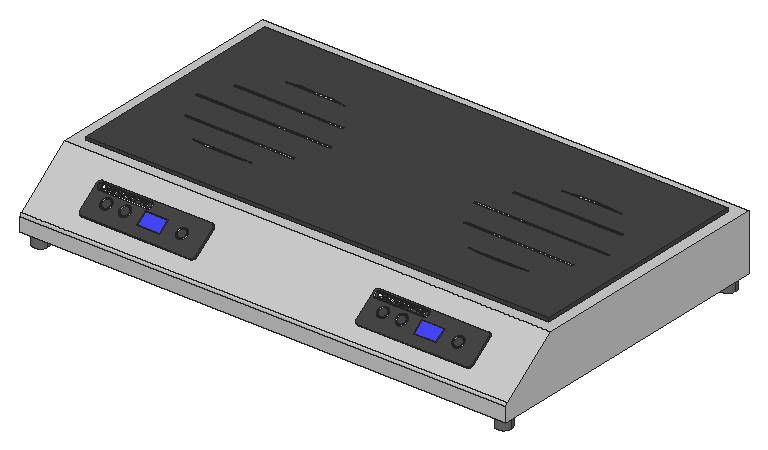
Revit family "QF_ADVENTYS_GL2_7000_S_250902075712", category Specialty Equipment, Revit 2021
Family settings
  Round Connector Dimension = Use Diameter
  Part Type = Normal
  OmniClass Number = 23.40.40.14
  OmniClass Title = Food Service Equipment
  Work Plane-Based = No
  Always vertical = Yes
  Cut with Voids When Loaded = No
  Shared = No
  Room Calculation Point = No
Parameters (values of type "ADV1754")
  Weight in Pounds [instance] = 0
  Weight = 10.00 kg
  Warranty Start Date [instance] = ""
  Warranty Duration [instance] = ""
  Volts [instance] = 240 V
  URL Recommended Spares List = ""
  URL Manufacturer = ""
  URL Cutsheet = ""
  URL Critical Spares List = ""
  URL = "www.adventys.com"
  Tag Number [instance] = ""
  Status [instance] = ""
  Specification by User [instance] = ""
  Specification by Manufacturer [instance] = ""
  Sound Level [instance] = ""
  Solid Fuel Type [instance] = ""
  Service Life Duration [instance] = ""
  Serial Number [instance] = ""
  Seismic Rating [instance] = ""
  SMACNA No [instance] = ""
  Revision Code [instance] = ""
  Revision [instance] = ""
  Production Year [instance] = ""
  Point Load [instance] = 0
  Phase [instance] = 1
  Other Equipment Approvals [instance] = ""
  Number of Poles [instance] = 2
  NAFEM Spec ID Number [instance] = ""
  Model Warning [instance] = ""
  Model = "GL2 7000 S"
  Min Ckt Ampacity [instance] = 0 A
  Max Overcurrent Protection [instance] = 32 A
  Masterspec [instance] = ""
  Manufacturer = "ADVENTYS"
  Length Actual = 650 mm
  Item Number [instance] = ""
  Installed By [instance] = ""
  Installation Date [instance] = ""
  Identify Quantity as Lot [instance] = no
  ID [instance] = ""
  Hygiene Approval [instance] = ""
  Hot Water Consumption = 0.0 L/s
  Height Actual = 96 mm
  HP power [instance] = ""
  Furnished By [instance] = ""
  Foodservice Equipment Identifier [instance] = no
  FL Amps [instance] = 25 A
  Electrical Remarks [instance] = "Plug not included"
  Electric power [instance] = 0 W
  Electric Connection Type [instance] = "Cord&Plug"
  Elec Conn RI Height [instance] = 0 mm
  Elec Conn Connection Height [instance] = 0 mm
  ETL Approved [instance] = no
  Description = "COUNTER-TOP 2 ZONES INDUCTION SIDE BY SIDE"
  Depth Actual = 405 mm
  Default Elevation = 0 mm
  Cycle [instance] = 60 Hz
  Cost = 0
  Conn Plug [instance] = ""
  Conn Conduit [instance] = no
  CSI MasterFormat [instance] = ""
  CE Approved [instance] = no
  Barcode [instance] = 0
  Author [instance] = ""
  Asset Identifier [instance] = ""
  Apparent Power [instance] = 6000 VA
  Accessory = no
Reference planes
  plane 1 "Center (Front/Back)": y = 0
  plane 2: z = 0
  plane 3 "Center (Left/Right)": x = 0
Forms (mm)
  Extrusion 1, solid, not visible
    sketch origin (325.016, -15.001, 16.001) x (1, 0, 0) y (0, 1, 0)
      loop
        line (-2, 2) -> (-2, -2) -> (2, -2) -> (2, 2) -> (-2, 2)
    from -2 to 2
Dimensions and locks
  locked: nested 2 to Extrusion 1 at 2  (x2)
  aligned and locked: level to plane 2
Nested families
  nested 1: "QF_ADVENTYS_ADV1619_2916" at (0, 0, 0), type "ADV1754"
    with Status "", Show Logo yes, Show Clearance yes
  nested 2: "CONN_POINT_ELE_2D___Generic_Annotation" at (325.016, -15.001, 14.001), type "CONN_POINT_ELE_2D___Generic_Annotation"
    with Onboard connection annotation symbol visibility yes
Connectors
  electrical at (325.016, -15.001, 14.001), driven by "Apparent Power", driven by "Number of Poles", driven by "Volts"
    settings: on Extrusion 1, index 1, voltage 240 V, apparent load 0 VA, apparent load phase1 6000 VA, apparent load phase2 0 VA, apparent load phase3 0 VA, power factor 1, load classification "Other", number of poles 2, system type 31, power factor state 1, is connector primary yes, connector utility no, sub classification motor no, connector description "Electrical connection for GL2 7000 S"
Definition of nested family "QF_ADVENTYS_ADV1619_2916"
  Parameters (values of type "ADV1551")
    URL = "www.adventys.com"
    Status [instance] = ""
    Show Logo [instance] = yes
    Show Clearance [instance] = yes
    Model = "GL2 6000 S"
    Manufacturer = "ADVENTYS"
    Description = "COUNTER-TOP 2 ZONES INDUCTION SIDE BY SIDE"
    Default Elevation = 0 mm
    Author = "SPECIFI"
    Assembly Code = "E1090320"
  Types (3, lengths in mm): name | Model | Description
    ADV1619 | "GL2 5000 S" | "COUNTERTOP INDUCTION 2 ZONES - SIDE BY SIDE"
    ADV1551 | "GL2 6000 S" | "COUNTER-TOP 2 ZONES INDUCTION SIDE BY SIDE"
    ADV1754 | "GL2 7000 S" | "COUNTER-TOP 2 ZONES INDUCTION SIDE BY SIDE"
  Reference planes
    plane 1 "Back": y = 0
    plane 2: z = 0
    plane 3 "Left": x = 0
    plane 4 "Right": x = 650
    plane 5 "Front": y = -405
    plane 6 "Top": z = 96
  Forms (mm)
    Extrusion 1, solid
      sketch origin (0, 0, -4.3) x (1, 0, 0) y (0, 1, 0)
        loop
          line (0, 0) -> (0, -330) -> (650, -330) -> (650, 0) -> (0, 0)
        loop
          line (15, -15) -> (15, -315) -> (635, -315) -> (635, -15) -> (15, -15)
      from 20 to 96
    Extrusion 2, solid
      sketch origin (0, -20, -4.3) x (0, 1, 0) y (0, 0, 1)
        loop
          line (-310, 20) -> (-310, 96) -> (-382.957, 42.498)
          arc (-382.957, 42.498) -> (-384.46, 40.726) -> (-385, 38.466) r 5
          line (-385, 38.466) -> (-385, 20) -> (-310, 20)
      from 0 to 650
    Extrusion 3, solid
      sketch origin (0, 0, -86.026) x (1, 0, 0) y (0, 1, 0)
        loop
          line (15, -15) -> (15, -315) -> (635, -315) -> (635, -15) -> (15, -15)
      from 101.726 to 110
    Extrusion 4, solid
      sketch origin (0, 0, 0) x (1, 0, 0) y (0, 1, 0)
        loop
          circle (15, -15) r 10
        loop
          circle (635, -15) r 10
        loop
          circle (635, -390) r 10
        loop
          circle (15, -390) r 10
      from 0 to 15.7
    Extrusion 5, solid
      sketch origin (-4.081, 0, -11.8) x (0, 1, 0) y (0, 0, 1)
        loop
          line (0, 97.125) -> (0, 91.484) -> (5.641, 91.484)
          arc (5.641, 91.484) -> (3.989, 95.473) -> (0, 97.125) r 5.641
        loop
          line (0, 79.125) -> (0, 73.484) -> (5.641, 73.484)
          arc (5.641, 73.484) -> (3.989, 77.473) -> (0, 79.125) r 5.641
        loop
          line (0, 61.125) -> (0, 55.484) -> (5.641, 55.484)
          arc (5.641, 55.484) -> (3.989, 59.473) -> (0, 61.125) r 5.641
        loop
          line (0, 43.125) -> (0, 37.484) -> (5.641, 37.484)
          arc (5.641, 37.484) -> (3.989, 41.473) -> (0, 43.125) r 5.641
      from 140.518 to 177.644
    Extrusion 6, solid
      sketch origin (53.045, 0, -11.8) x (0, 1, 0) y (0, 0, 1)
        loop
          line (0, 97.125) -> (0, 91.484) -> (5.641, 91.484)
          arc (5.641, 91.484) -> (3.989, 95.473) -> (0, 97.125) r 5.641
        loop
          line (0, 79.125) -> (0, 73.484) -> (5.641, 73.484)
          arc (5.641, 73.484) -> (3.989, 77.473) -> (0, 79.125) r 5.641
        loop
          line (0, 61.125) -> (0, 55.484) -> (5.641, 55.484)
          arc (5.641, 55.484) -> (3.989, 59.473) -> (0, 61.125) r 5.641
        loop
          line (0, 43.125) -> (0, 37.484) -> (5.641, 37.484)
          arc (5.641, 37.484) -> (3.989, 41.473) -> (0, 43.125) r 5.641
      from 140.518 to 177.644
    Extrusion 7, solid
      sketch origin (110.172, 0, -11.8) x (0, 1, 0) y (0, 0, 1)
        loop
          line (0, 97.125) -> (0, 91.484) -> (5.641, 91.484)
          arc (5.641, 91.484) -> (3.989, 95.473) -> (0, 97.125) r 5.641
        loop
          line (0, 79.125) -> (0, 73.484) -> (5.641, 73.484)
          arc (5.641, 73.484) -> (3.989, 77.473) -> (0, 79.125) r 5.641
        loop
          line (0, 61.125) -> (0, 55.484) -> (5.641, 55.484)
          arc (5.641, 55.484) -> (3.989, 59.473) -> (0, 61.125) r 5.641
        loop
          line (0, 43.125) -> (0, 37.484) -> (5.641, 37.484)
          arc (5.641, 37.484) -> (3.989, 41.473) -> (0, 43.125) r 5.641
      from 140.518 to 177.644
    Extrusion 8, solid
      sketch origin (256.955, 0, -11.8) x (0, 1, 0) y (0, 0, -1)
        loop
          arc (0, -97.125) -> (3.989, -95.473) -> (5.641, -91.484) r 5.641
          line (5.641, -91.484) -> (0, -91.484) -> (0, -97.125)
        loop
          arc (0, -79.125) -> (3.989, -77.473) -> (5.641, -73.484) r 5.641
          line (5.641, -73.484) -> (0, -73.484) -> (0, -79.125)
        loop
          arc (0, -61.125) -> (3.989, -59.473) -> (5.641, -55.484) r 5.641
          line (5.641, -55.484) -> (0, -55.484) -> (0, -61.125)
        loop
          arc (0, -43.125) -> (3.989, -41.473) -> (5.641, -37.484) r 5.641
          line (5.641, -37.484) -> (0, -37.484) -> (0, -43.125)
      from 140.518 to 177.644
    Extrusion 9, solid
      sketch origin (199.828, 0, -11.8) x (0, 1, 0) y (0, 0, -1)
        loop
          arc (0, -97.125) -> (3.989, -95.473) -> (5.641, -91.484) r 5.641
          line (5.641, -91.484) -> (0, -91.484) -> (0, -97.125)
        loop
          arc (0, -79.125) -> (3.989, -77.473) -> (5.641, -73.484) r 5.641
          line (5.641, -73.484) -> (0, -73.484) -> (0, -79.125)
        loop
          arc (0, -61.125) -> (3.989, -59.473) -> (5.641, -55.484) r 5.641
          line (5.641, -55.484) -> (0, -55.484) -> (0, -61.125)
        loop
          arc (0, -43.125) -> (3.989, -41.473) -> (5.641, -37.484) r 5.641
          line (5.641, -37.484) -> (0, -37.484) -> (0, -43.125)
      from 140.518 to 177.644
    Extrusion 10, solid
      sketch origin (594.081, 0, -11.8) x (0, 1, 0) y (0, 0, -1)
        loop
          arc (0, -97.125) -> (3.989, -95.473) -> (5.641, -91.484) r 5.641
          line (5.641, -91.484) -> (0, -91.484) -> (0, -97.125)
        loop
          arc (0, -79.125) -> (3.989, -77.473) -> (5.641, -73.484) r 5.641
          line (5.641, -73.484) -> (0, -73.484) -> (0, -79.125)
        loop
          arc (0, -61.125) -> (3.989, -59.473) -> (5.641, -55.484) r 5.641
          line (5.641, -55.484) -> (0, -55.484) -> (0, -61.125)
        loop
          arc (0, -43.125) -> (3.989, -41.473) -> (5.641, -37.484) r 5.641
          line (5.641, -37.484) -> (0, -37.484) -> (0, -43.125)
      from 140.518 to 177.644
    Extrusion 11, solid
      sketch origin (536.955, 0, -11.8) x (0, 1, 0) y (0, 0, -1)
        loop
          arc (0, -97.125) -> (3.989, -95.473) -> (5.641, -91.484) r 5.641
          line (5.641, -91.484) -> (0, -91.484) -> (0, -97.125)
        loop
          arc (0, -79.125) -> (3.989, -77.473) -> (5.641, -73.484) r 5.641
          line (5.641, -73.484) -> (0, -73.484) -> (0, -79.125)
        loop
          arc (0, -61.125) -> (3.989, -59.473) -> (5.641, -55.484) r 5.641
          line (5.641, -55.484) -> (0, -55.484) -> (0, -61.125)
        loop
          arc (0, -43.125) -> (3.989, -41.473) -> (5.641, -37.484) r 5.641
          line (5.641, -37.484) -> (0, -37.484) -> (0, -43.125)
      from 140.518 to 177.644
    Extrusion 12, solid
      sketch origin (479.828, 0, -11.8) x (0, 1, 0) y (0, 0, -1)
        loop
          arc (0, -97.125) -> (3.989, -95.473) -> (5.641, -91.484) r 5.641
          line (5.641, -91.484) -> (0, -91.484) -> (0, -97.125)
        loop
          arc (0, -79.125) -> (3.989, -77.473) -> (5.641, -73.484) r 5.641
          line (5.641, -73.484) -> (0, -73.484) -> (0, -79.125)
        loop
          arc (0, -61.125) -> (3.989, -59.473) -> (5.641, -55.484) r 5.641
          line (5.641, -55.484) -> (0, -55.484) -> (0, -61.125)
        loop
          arc (0, -43.125) -> (3.989, -41.473) -> (5.641, -37.484) r 5.641
          line (5.641, -37.484) -> (0, -37.484) -> (0, -43.125)
      from 140.518 to 177.644
    Extrusion 13, solid
      sketch origin (333.045, 0, -11.8) x (0, 1, 0) y (0, 0, 1)
        loop
          line (0, 97.125) -> (0, 91.484) -> (5.641, 91.484)
          arc (5.641, 91.484) -> (3.989, 95.473) -> (0, 97.125) r 5.641
        loop
          line (0, 79.125) -> (0, 73.484) -> (5.641, 73.484)
          arc (5.641, 73.484) -> (3.989, 77.473) -> (0, 79.125) r 5.641
        loop
          line (0, 61.125) -> (0, 55.484) -> (5.641, 55.484)
          arc (5.641, 55.484) -> (3.989, 59.473) -> (0, 61.125) r 5.641
        loop
          line (0, 43.125) -> (0, 37.484) -> (5.641, 37.484)
          arc (5.641, 37.484) -> (3.989, 41.473) -> (0, 43.125) r 5.641
      from 140.518 to 177.644
    Extrusion 14, solid
      sketch origin (390.172, 0, -11.8) x (0, 1, 0) y (0, 0, 1)
        loop
          line (0, 97.125) -> (0, 91.484) -> (5.641, 91.484)
          arc (5.641, 91.484) -> (3.989, 95.473) -> (0, 97.125) r 5.641
        loop
          line (0, 79.125) -> (0, 73.484) -> (5.641, 73.484)
          arc (5.641, 73.484) -> (3.989, 77.473) -> (0, 79.125) r 5.641
        loop
          line (0, 61.125) -> (0, 55.484) -> (5.641, 55.484)
          arc (5.641, 55.484) -> (3.989, 59.473) -> (0, 61.125) r 5.641
        loop
          line (0, 43.125) -> (0, 37.484) -> (5.641, 37.484)
          arc (5.641, 37.484) -> (3.989, 41.473) -> (0, 43.125) r 5.641
      from 140.518 to 177.644
    Extrusion 15, solid
      sketch origin (30, 0, -4.3) x (1, 0, 0) y (0, 1, 0)
        loop
          circle (295, -15) r 10
      from 18.177 to 20
    Extrusion 16, solid
      sketch origin (1268.043, 74.825, -43.3) x (0, -1, 0) y (1, 0, 0)
        loop
          line (89.825, -1253.043) -> (389.825, -1253.043) -> (389.825, -633.043) -> (89.825, -633.043) -> (89.825, -1253.043)
        loop
          line (206.4, -1053.958) -> (206.352, -1198.979) -> (208.634, -1198.98) -> (208.681, -1053.958) -> (206.4, -1053.958)
        loop
          arc (165.457, -1126.248) -> (165.953, -1144.337) -> (168.593, -1162.238) r 152.09
          line (168.593, -1162.238) -> (168.62, -1082.288)
          arc (168.62, -1082.288) -> (165.637, -1104.167) -> (165.457, -1126.248) r 173.592
        loop
          line (246.38, -1038.267) -> (246.321, -1217.804) -> (248.603, -1217.805) -> (248.661, -1038.268) -> (246.38, -1038.267)
        loop
          line (288.654, -1199.006) -> (290.935, -1199.007) -> (290.983, -1053.985) -> (288.701, -1053.985) -> (288.654, -1199.006)
        loop
          line (324.196, -1082.339) -> (324.169, -1162.289)
          arc (324.169, -1162.289) -> (327.152, -1140.41) -> (327.332, -1118.329) r 173.592
          arc (327.332, -1118.329) -> (326.836, -1100.24) -> (324.196, -1082.339) r 152.09
        loop
          line (286.314, -683.932) -> (284.032, -683.935) -> (284.22, -828.956) -> (286.501, -828.953) -> (286.314, -683.932)
        loop
          arc (327.327, -756.183) -> (327.125, -734.102) -> (324.121, -712.226) r 173.592
          line (324.121, -712.226) -> (324.225, -792.176)
          arc (324.225, -792.176) -> (326.848, -774.272) -> (327.327, -756.183) r 152.09
        loop
          line (246.318, -668.28) -> (244.037, -668.283) -> (244.269, -847.82) -> (246.551, -847.817) -> (246.318, -668.28)
        loop
          line (204.2, -829.06) -> (204.012, -684.038) -> (201.731, -684.041) -> (201.918, -829.063) -> (204.2, -829.06)
        loop
          arc (168.546, -712.427) -> (165.922, -730.331) -> (165.444, -748.42) r 152.09
          arc (165.444, -748.42) -> (165.646, -770.501) -> (168.649, -792.377) r 173.592
          line (168.649, -792.377) -> (168.546, -712.427)
      from 135 to 139.3
    Extrusion 17, solid
      sketch origin (1248.05, 16.753, -43.3) x (0, -1, 0) y (1, 0, 0)
        loop
          arc (110.568, -1062.271) -> (107.579, -1084.15) -> (107.391, -1106.23) r 173.592
          arc (107.391, -1106.23) -> (107.881, -1124.319) -> (110.516, -1142.221) r 152.09
          line (110.516, -1142.221) -> (110.568, -1062.271)
        loop
          line (150.639, -1033.955) -> (148.357, -1033.953) -> (148.263, -1178.974) -> (150.544, -1178.976) -> (150.639, -1033.955)
        loop
          line (188.343, -1018.276) -> (188.226, -1197.812) -> (190.507, -1197.814) -> (190.624, -1018.277) -> (188.343, -1018.276)
        loop
          line (232.846, -1179.03) -> (232.94, -1034.008) -> (230.659, -1034.007) -> (230.564, -1179.028) -> (232.846, -1179.03)
        loop
          line (266.144, -1062.373) -> (266.092, -1142.323)
          arc (266.092, -1142.323) -> (269.081, -1120.444) -> (269.269, -1098.363) r 173.592
          arc (269.269, -1098.363) -> (268.779, -1080.275) -> (266.144, -1062.373) r 152.09
      from 135 to 139.3
    Extrusion 18, solid
      sketch origin (321.667, -1279.616, -43.3) x (1, 0, 0) y (0, 1, 0)
        loop
          line (234.048, 1030.256) -> (154.098, 1030.256)
          arc (154.098, 1030.256) -> (171.999, 1027.609) -> (190.087, 1027.107) r 152.09
          arc (190.087, 1027.107) -> (212.168, 1027.281) -> (234.048, 1030.256) r 173.592
        loop
          line (262.391, 1070.308) -> (117.37, 1070.308) -> (117.37, 1068.027) -> (262.391, 1068.027) -> (262.391, 1070.308)
        loop
          line (278.094, 1108.002) -> (278.094, 1110.284) -> (98.558, 1110.284) -> (98.558, 1108.002) -> (278.094, 1108.002)
        loop
          line (117.37, 1152.61) -> (117.37, 1150.329) -> (262.391, 1150.329) -> (262.391, 1152.61) -> (117.37, 1152.61)
        loop
          arc (234.048, 1185.832) -> (216.148, 1188.479) -> (198.06, 1188.981) r 152.09
          arc (198.06, 1188.981) -> (175.979, 1188.807) -> (154.098, 1185.832) r 173.592
          line (154.098, 1185.832) -> (234.048, 1185.832)
      from 135 to 139.3
    Extrusion 19, solid
      sketch origin (447.298, 0, -11.8) x (0, 1, 0) y (0, 0, 1)
        loop
          line (0, 97.125) -> (0, 91.484) -> (5.641, 91.484)
          arc (5.641, 91.484) -> (3.989, 95.473) -> (0, 97.125) r 5.641
        loop
          line (0, 79.125) -> (0, 73.484) -> (5.641, 73.484)
          arc (5.641, 73.484) -> (3.989, 77.473) -> (0, 79.125) r 5.641
        loop
          line (0, 61.125) -> (0, 55.484) -> (5.641, 55.484)
          arc (5.641, 55.484) -> (3.989, 59.473) -> (0, 61.125) r 5.641
        loop
          line (0, 43.125) -> (0, 37.484) -> (5.641, 37.484)
          arc (5.641, 37.484) -> (3.989, 41.473) -> (0, 43.125) r 5.641
      from 140.518 to 177.644
    Extrusion 20, solid
      sketch origin (-29.26, -5.694, 152.194) x (1, 0, 0) y (0, 0.806405, 0.591364)
        loop
          arc (97.5, -323.032) -> (93.964, -324.496) -> (92.5, -328.032) r 5
          line (92.5, -328.032) -> (92.5, -363.032)
          arc (92.5, -363.032) -> (93.964, -366.568) -> (97.5, -368.032) r 5
          line (97.5, -368.032) -> (242.5, -368.032)
          arc (242.5, -368.032) -> (246.036, -366.568) -> (247.5, -363.032) r 5
          line (247.5, -363.032) -> (247.5, -328.032)
          arc (247.5, -328.032) -> (246.036, -324.496) -> (242.5, -323.032) r 5
          line (242.5, -323.032) -> (97.5, -323.032)
        loop
          circle (116.385, -345.532) r 6
        loop
          circle (116.385, -345.532) r 7
        loop
          circle (141.385, -345.532) r 7
        loop
          circle (141.385, -345.532) r 6
        loop
          circle (217.385, -345.532) r 6
        loop
          circle (217.385, -345.532) r 7
        loop
          line (193.667, -337.336) -> (163.667, -337.336) -> (163.667, -354.836) -> (193.667, -354.836) -> (193.667, -337.336)
      from 143 to 145
    Extrusion 21, solid
      sketch origin (-4.26, -5.694, 152.194) x (1, 0, 0) y (0, 0.806405, 0.591364)
        loop
          circle (91.385, -345.532) r 6
        loop
          circle (116.385, -345.532) r 6
        loop
          circle (192.385, -345.532) r 6
        loop
          circle (91.385, -345.532) r 7
        loop
          circle (116.385, -345.532) r 7
        loop
          circle (192.385, -345.532) r 7
      from 143 to 145
    Extrusion 22, solid
      sketch origin (42.012, -5.694, 152.194) x (1, 0, 0) y (0, 0.806405, 0.591364)
        loop
          line (92.395, -337.336) -> (92.395, -354.836) -> (122.395, -354.836) -> (122.395, -337.336) -> (92.395, -337.336)
      from 143 to 145
    Extrusion 23, solid, visible <- "Show Logo"
      sketch origin (-17.489, 89.077, 182.296) x (1, 0, 0) y (0, 0.806405, 0.591364)
        loop
          arc (88.7, -421.254) -> (88.222, -421.452) -> (88.024, -421.93) r 0.676
          line (88.024, -421.93) -> (88.024, -423.602)
          arc (88.024, -423.602) -> (88.232, -424.091) -> (88.729, -424.278) r 0.676
          line (88.729, -424.278) -> (88.729, -423.012)
          arc (88.729, -423.012) -> (89.079, -422.316) -> (89.806, -422.035) r 1.082
          line (89.806, -422.035) -> (92.693, -422.035)
          arc (92.693, -422.035) -> (92.539, -421.491) -> (92.025, -421.254) r 0.676
          line (92.025, -421.254) -> (88.7, -421.254)
        loop
          arc (88.7, -420.848) -> (87.935, -421.165) -> (87.618, -421.93) r 1.082
          line (87.618, -421.93) -> (87.618, -423.602)
          arc (87.618, -423.602) -> (87.945, -424.378) -> (88.729, -424.684) r 1.082
          arc (88.729, -424.684) -> (89.006, -425.518) -> (89.811, -425.871) r 1.082
          arc (89.811, -425.871) -> (90.124, -426.642) -> (90.893, -426.963) r 1.082
          line (90.893, -426.963) -> (93.953, -426.963)
          arc (93.953, -426.963) -> (94.718, -426.646) -> (95.035, -425.881) r 1.082
          line (95.035, -425.881) -> (95.035, -424.315)
          arc (95.035, -424.315) -> (94.714, -423.546) -> (93.942, -423.233) r 1.082
          arc (93.942, -423.233) -> (93.745, -422.485) -> (93.099, -422.06) r 1.082
          arc (93.099, -422.06) -> (92.835, -421.213) -> (92.025, -420.848) r 1.082
          line (92.025, -420.848) -> (88.7, -420.848)
        loop
          arc (93.953, -426.557) -> (94.431, -426.359) -> (94.629, -425.881) r 0.676
          line (94.629, -425.881) -> (94.629, -424.315)
          arc (94.629, -424.315) -> (94.43, -423.835) -> (93.948, -423.638) r 0.676
          line (93.948, -423.638) -> (93.948, -424.789)
          arc (93.948, -424.789) -> (93.631, -425.554) -> (92.866, -425.871) r 1.082
          line (92.866, -425.871) -> (90.216, -425.871)
          arc (90.216, -425.871) -> (90.411, -426.355) -> (90.893, -426.557) r 0.676
          line (90.893, -426.557) -> (93.953, -426.557)
        loop
          arc (95.821, -425.184) -> (95.863, -425.723) -> (96.404, -425.709) r 0.393
          line (96.404, -425.709) -> (97.15, -424.963) -> (100.112, -424.963) -> (100.858, -425.709)
          arc (100.858, -425.709) -> (101.399, -425.723) -> (101.441, -425.184) r 0.393
          line (101.441, -425.184) -> (98.631, -421.714) -> (95.821, -425.184)
        loop
          line (98.631, -423.109) -> (97.68, -424.283) -> (99.582, -424.283) -> (98.631, -423.109)
        loop
          line (102.743, -421.78) -> (102.743, -425.773) -> (106.505, -425.773)
          arc (106.505, -425.773) -> (108.501, -423.776) -> (106.505, -421.78) r 1.997
          line (106.505, -421.78) -> (102.743, -421.78)
        loop
          line (106.505, -422.83) -> (103.793, -422.83) -> (103.793, -424.722) -> (106.505, -424.722)
          arc (106.505, -424.722) -> (107.451, -423.776) -> (106.505, -422.83) r 0.946
        loop
          arc (110.437, -422.011) -> (109.896, -421.997) -> (109.854, -422.536) r 0.393
          line (109.854, -422.536) -> (112.664, -426.006) -> (115.474, -422.536)
          arc (115.474, -422.536) -> (115.432, -421.997) -> (114.891, -422.011) r 0.393
          line (114.891, -422.011) -> (112.664, -424.762) -> (110.437, -422.011)
        loop
          line (122.122, -421.733) -> (116.807, -421.733) -> (116.807, -425.773) -> (122.122, -425.773)
          arc (122.122, -425.773) -> (122.533, -425.362) -> (122.122, -424.952) r 0.41
          line (122.122, -424.952) -> (117.728, -424.952) -> (117.728, -424.143) -> (122.122, -424.143)
          arc (122.122, -424.143) -> (122.494, -423.772) -> (122.122, -423.401) r 0.371
          line (122.122, -423.401) -> (117.728, -423.401) -> (117.728, -422.553) -> (122.122, -422.553)
          arc (122.122, -422.553) -> (122.533, -422.143) -> (122.122, -421.733) r 0.41
        loop
          line (123.768, -422.295) -> (123.768, -425.304)
          arc (123.768, -425.304) -> (124.205, -425.74) -> (124.641, -425.304) r 0.437
          line (124.641, -425.304) -> (124.641, -423.104) -> (128.532, -425.535)
          arc (128.532, -425.535) -> (129.163, -425.551) -> (129.483, -425.008) r 0.622
          line (129.483, -425.008) -> (129.483, -422.216)
          arc (129.483, -422.216) -> (129.023, -421.756) -> (128.563, -422.216) r 0.46
          line (128.563, -422.216) -> (128.563, -424.346) -> (124.57, -421.851)
          arc (124.57, -421.851) -> (124.038, -421.837) -> (123.768, -422.295) r 0.524
        loop
          arc (131.328, -421.811) -> (130.822, -422.316) -> (131.328, -422.822) r 0.506
          line (131.328, -422.822) -> (133.16, -422.822) -> (133.16, -425.108)
          arc (133.16, -425.108) -> (133.647, -425.594) -> (134.133, -425.108) r 0.486
          line (134.133, -425.108) -> (134.133, -422.822) -> (135.879, -422.822)
          arc (135.879, -422.822) -> (136.384, -422.316) -> (135.879, -421.811) r 0.506
          line (135.879, -421.811) -> (131.328, -421.811)
        loop
          line (140.723, -423.158) -> (138.718, -421.806)
          arc (138.718, -421.806) -> (138.039, -421.938) -> (138.171, -422.617) r 0.489
          line (138.171, -422.617) -> (140.176, -423.97) -> (140.176, -425.134)
          arc (140.176, -425.134) -> (140.723, -425.682) -> (141.27, -425.134) r 0.547
          line (141.27, -425.134) -> (141.27, -423.97) -> (143.275, -422.617)
          arc (143.275, -422.617) -> (143.407, -421.938) -> (142.728, -421.806) r 0.489
          line (142.728, -421.806) -> (140.723, -423.158)
        loop
          line (149.966, -421.811) -> (146.176, -421.811)
          arc (146.176, -421.811) -> (145.017, -422.97) -> (146.176, -424.129) r 1.159
          line (146.176, -424.129) -> (149.302, -424.129)
          arc (149.302, -424.129) -> (149.724, -424.551) -> (149.302, -424.973) r 0.422
          line (149.302, -424.973) -> (145.494, -424.973)
          arc (145.494, -424.973) -> (145.145, -425.323) -> (145.494, -425.672) r 0.349
          line (145.494, -425.672) -> (149.676, -425.672)
          arc (149.676, -425.672) -> (150.47, -424.404) -> (149.336, -423.429) r 1.147
          line (149.336, -423.429) -> (146.116, -423.429)
          arc (146.116, -423.429) -> (145.656, -422.969) -> (146.116, -422.509) r 0.46
          line (146.116, -422.509) -> (149.966, -422.509)
          arc (149.966, -422.509) -> (150.315, -422.16) -> (149.966, -421.811) r 0.349
        loop
          arc (87.536, -420.077) -> (83.683, -423.931) -> (87.536, -427.784) r 3.853
          line (87.536, -427.784) -> (151.604, -427.784)
          arc (151.604, -427.784) -> (155.457, -423.931) -> (151.604, -420.077) r 3.853
          line (151.604, -420.077) -> (87.536, -420.077)
        loop
          arc (87.536, -419.677) -> (83.283, -423.931) -> (87.536, -428.184) r 4.253
          line (87.536, -428.184) -> (151.604, -428.184)
          arc (151.604, -428.184) -> (155.857, -423.931) -> (151.604, -419.677) r 4.253
          line (151.604, -419.677) -> (87.536, -419.677)
      from 176.77 to 176.97
    Extrusion 24, solid
      sketch origin (340.74, -5.694, 152.194) x (1, 0, 0) y (0, 0.806405, 0.591364)
        loop
          arc (97.5, -323.032) -> (93.964, -324.496) -> (92.5, -328.032) r 5
          line (92.5, -328.032) -> (92.5, -363.032)
          arc (92.5, -363.032) -> (93.964, -366.568) -> (97.5, -368.032) r 5
          line (97.5, -368.032) -> (242.5, -368.032)
          arc (242.5, -368.032) -> (246.036, -366.568) -> (247.5, -363.032) r 5
          line (247.5, -363.032) -> (247.5, -328.032)
          arc (247.5, -328.032) -> (246.036, -324.496) -> (242.5, -323.032) r 5
          line (242.5, -323.032) -> (97.5, -323.032)
        loop
          circle (116.385, -345.532) r 6
        loop
          circle (116.385, -345.532) r 7
        loop
          circle (141.385, -345.532) r 7
        loop
          circle (141.385, -345.532) r 6
        loop
          circle (217.385, -345.532) r 6
        loop
          circle (217.385, -345.532) r 7
        loop
          line (193.667, -337.336) -> (163.667, -337.336) -> (163.667, -354.836) -> (193.667, -354.836) -> (193.667, -337.336)
      from 143 to 145
    Extrusion 25, solid
      sketch origin (365.74, -5.694, 152.194) x (1, 0, 0) y (0, 0.806405, 0.591364)
        loop
          circle (91.385, -345.532) r 6
        loop
          circle (116.385, -345.532) r 6
        loop
          circle (192.385, -345.532) r 6
        loop
          circle (91.385, -345.532) r 7
        loop
          circle (116.385, -345.532) r 7
        loop
          circle (192.385, -345.532) r 7
      from 143 to 145
    Extrusion 26, solid
      sketch origin (412.012, -5.694, 152.194) x (1, 0, 0) y (0, 0.806405, 0.591364)
        loop
          line (92.395, -337.336) -> (92.395, -354.836) -> (122.395, -354.836) -> (122.395, -337.336) -> (92.395, -337.336)
      from 143 to 145
    Extrusion 27, solid, visible <- "Show Logo"
      sketch origin (352.511, 89.077, 182.296) x (1, 0, 0) y (0, 0.806405, 0.591364)
        loop
          arc (88.7, -421.254) -> (88.222, -421.452) -> (88.024, -421.93) r 0.676
          line (88.024, -421.93) -> (88.024, -423.602)
          arc (88.024, -423.602) -> (88.232, -424.091) -> (88.729, -424.278) r 0.676
          line (88.729, -424.278) -> (88.729, -423.012)
          arc (88.729, -423.012) -> (89.079, -422.316) -> (89.806, -422.035) r 1.082
          line (89.806, -422.035) -> (92.693, -422.035)
          arc (92.693, -422.035) -> (92.539, -421.491) -> (92.025, -421.254) r 0.676
          line (92.025, -421.254) -> (88.7, -421.254)
        loop
          arc (88.7, -420.848) -> (87.935, -421.165) -> (87.618, -421.93) r 1.082
          line (87.618, -421.93) -> (87.618, -423.602)
          arc (87.618, -423.602) -> (87.945, -424.378) -> (88.729, -424.684) r 1.082
          arc (88.729, -424.684) -> (89.006, -425.518) -> (89.811, -425.871) r 1.082
          arc (89.811, -425.871) -> (90.124, -426.642) -> (90.893, -426.963) r 1.082
          line (90.893, -426.963) -> (93.953, -426.963)
          arc (93.953, -426.963) -> (94.718, -426.646) -> (95.035, -425.881) r 1.082
          line (95.035, -425.881) -> (95.035, -424.315)
          arc (95.035, -424.315) -> (94.714, -423.546) -> (93.942, -423.233) r 1.082
          arc (93.942, -423.233) -> (93.745, -422.485) -> (93.099, -422.06) r 1.082
          arc (93.099, -422.06) -> (92.835, -421.213) -> (92.025, -420.848) r 1.082
          line (92.025, -420.848) -> (88.7, -420.848)
        loop
          arc (93.953, -426.557) -> (94.431, -426.359) -> (94.629, -425.881) r 0.676
          line (94.629, -425.881) -> (94.629, -424.315)
          arc (94.629, -424.315) -> (94.43, -423.835) -> (93.948, -423.638) r 0.676
          line (93.948, -423.638) -> (93.948, -424.789)
          arc (93.948, -424.789) -> (93.631, -425.554) -> (92.866, -425.871) r 1.082
          line (92.866, -425.871) -> (90.216, -425.871)
          arc (90.216, -425.871) -> (90.411, -426.355) -> (90.893, -426.557) r 0.676
          line (90.893, -426.557) -> (93.953, -426.557)
        loop
          arc (95.821, -425.184) -> (95.863, -425.723) -> (96.404, -425.709) r 0.393
          line (96.404, -425.709) -> (97.15, -424.963) -> (100.112, -424.963) -> (100.858, -425.709)
          arc (100.858, -425.709) -> (101.399, -425.723) -> (101.441, -425.184) r 0.393
          line (101.441, -425.184) -> (98.631, -421.714) -> (95.821, -425.184)
        loop
          line (98.631, -423.109) -> (97.68, -424.283) -> (99.582, -424.283) -> (98.631, -423.109)
        loop
          line (102.743, -421.78) -> (102.743, -425.773) -> (106.505, -425.773)
          arc (106.505, -425.773) -> (108.501, -423.776) -> (106.505, -421.78) r 1.997
          line (106.505, -421.78) -> (102.743, -421.78)
        loop
          line (106.505, -422.83) -> (103.793, -422.83) -> (103.793, -424.722) -> (106.505, -424.722)
          arc (106.505, -424.722) -> (107.451, -423.776) -> (106.505, -422.83) r 0.946
        loop
          arc (110.437, -422.011) -> (109.896, -421.997) -> (109.854, -422.536) r 0.393
          line (109.854, -422.536) -> (112.664, -426.006) -> (115.474, -422.536)
          arc (115.474, -422.536) -> (115.432, -421.997) -> (114.891, -422.011) r 0.393
          line (114.891, -422.011) -> (112.664, -424.762) -> (110.437, -422.011)
        loop
          line (122.122, -421.733) -> (116.807, -421.733) -> (116.807, -425.773) -> (122.122, -425.773)
          arc (122.122, -425.773) -> (122.533, -425.362) -> (122.122, -424.952) r 0.41
          line (122.122, -424.952) -> (117.728, -424.952) -> (117.728, -424.143) -> (122.122, -424.143)
          arc (122.122, -424.143) -> (122.494, -423.772) -> (122.122, -423.401) r 0.371
          line (122.122, -423.401) -> (117.728, -423.401) -> (117.728, -422.553) -> (122.122, -422.553)
          arc (122.122, -422.553) -> (122.533, -422.143) -> (122.122, -421.733) r 0.41
        loop
          line (123.768, -422.295) -> (123.768, -425.304)
          arc (123.768, -425.304) -> (124.205, -425.74) -> (124.641, -425.304) r 0.437
          line (124.641, -425.304) -> (124.641, -423.104) -> (128.532, -425.535)
          arc (128.532, -425.535) -> (129.163, -425.551) -> (129.483, -425.008) r 0.622
          line (129.483, -425.008) -> (129.483, -422.216)
          arc (129.483, -422.216) -> (129.023, -421.756) -> (128.563, -422.216) r 0.46
          line (128.563, -422.216) -> (128.563, -424.346) -> (124.57, -421.851)
          arc (124.57, -421.851) -> (124.038, -421.837) -> (123.768, -422.295) r 0.524
        loop
          arc (131.328, -421.811) -> (130.822, -422.316) -> (131.328, -422.822) r 0.506
          line (131.328, -422.822) -> (133.16, -422.822) -> (133.16, -425.108)
          arc (133.16, -425.108) -> (133.647, -425.594) -> (134.133, -425.108) r 0.486
          line (134.133, -425.108) -> (134.133, -422.822) -> (135.879, -422.822)
          arc (135.879, -422.822) -> (136.384, -422.316) -> (135.879, -421.811) r 0.506
          line (135.879, -421.811) -> (131.328, -421.811)
        loop
          line (140.723, -423.158) -> (138.718, -421.806)
          arc (138.718, -421.806) -> (138.039, -421.938) -> (138.171, -422.617) r 0.489
          line (138.171, -422.617) -> (140.176, -423.97) -> (140.176, -425.134)
          arc (140.176, -425.134) -> (140.723, -425.682) -> (141.27, -425.134) r 0.547
          line (141.27, -425.134) -> (141.27, -423.97) -> (143.275, -422.617)
          arc (143.275, -422.617) -> (143.407, -421.938) -> (142.728, -421.806) r 0.489
          line (142.728, -421.806) -> (140.723, -423.158)
        loop
          line (149.966, -421.811) -> (146.176, -421.811)
          arc (146.176, -421.811) -> (145.017, -422.97) -> (146.176, -424.129) r 1.159
          line (146.176, -424.129) -> (149.302, -424.129)
          arc (149.302, -424.129) -> (149.724, -424.551) -> (149.302, -424.973) r 0.422
          line (149.302, -424.973) -> (145.494, -424.973)
          arc (145.494, -424.973) -> (145.145, -425.323) -> (145.494, -425.672) r 0.349
          line (145.494, -425.672) -> (149.676, -425.672)
          arc (149.676, -425.672) -> (150.47, -424.404) -> (149.336, -423.429) r 1.147
          line (149.336, -423.429) -> (146.116, -423.429)
          arc (146.116, -423.429) -> (145.656, -422.969) -> (146.116, -422.509) r 0.46
          line (146.116, -422.509) -> (149.966, -422.509)
          arc (149.966, -422.509) -> (150.315, -422.16) -> (149.966, -421.811) r 0.349
        loop
          arc (87.536, -420.077) -> (83.683, -423.931) -> (87.536, -427.784) r 3.853
          line (87.536, -427.784) -> (151.604, -427.784)
          arc (151.604, -427.784) -> (155.457, -423.931) -> (151.604, -420.077) r 3.853
          line (151.604, -420.077) -> (87.536, -420.077)
        loop
          arc (87.536, -419.677) -> (83.283, -423.931) -> (87.536, -428.184) r 4.253
          line (87.536, -428.184) -> (151.604, -428.184)
          arc (151.604, -428.184) -> (155.857, -423.931) -> (151.604, -419.677) r 4.253
          line (151.604, -419.677) -> (87.536, -419.677)
      from 176.77 to 176.97
  Cuts and joins
    joined: Extrusion 1, Extrusion 2
  Lines and regions (mm)
    symbolic lines
      curve 1: line (310, 0, 0) -> (0, 0, 0)
      curve 2: line (0, 0, 0) -> (0, -405, 0)
      curve 3: line (310, -330, 0) -> (0, -330, 0)
      curve 4: line (15, -15, 0) -> (15, -315, 0)
      curve 5: line (635, -15, 0) -> (15, -15, 0)
      curve 6: line (15, -315, 0) -> (635, -315, 0)
      curve 7: line (650, 0, 0) -> (280, 0, 0)
      curve 8: line (650, -405, 0) -> (650, 0, 0)
      curve 9: line (0, -405, 0) -> (650, -405, 0)
      curve 10: line (650, -330, 0) -> (280, -330, 0)
      curve 11: line (635, -315, 0) -> (635, -15, 0)
      curve 12: line (185.729, -249.361, 0) -> (105.779, -249.361, 0)
      curve 13: arc (105.779, -249.361, 0) -> (127.66, -252.336, 0) -> (149.741, -252.51, 0) r 173.592
      curve 14: arc (149.741, -252.51, 0) -> (167.829, -252.008, 0) -> (185.729, -249.361, 0) r 152.09
      curve 15: line (69.051, -216.139, 0) -> (214.072, -216.139, 0)
      curve 16: line (214.072, -213.858, 0) -> (69.051, -213.858, 0)
      curve 17: line (214.072, -216.139, 0) -> (214.072, -213.858, 0)
      curve 18: line (69.051, -213.858, 0) -> (69.051, -216.139, 0)
      curve 19: line (229.775, -171.531, 0) -> (50.239, -171.531, 0)
      curve 20: line (50.239, -171.531, 0) -> (50.239, -173.813, 0)
      curve 21: line (229.775, -173.813, 0) -> (229.775, -171.531, 0)
      curve 22: line (50.239, -173.813, 0) -> (229.775, -173.813, 0)
      curve 23: line (69.051, -133.838, 0) -> (214.072, -133.838, 0)
      curve 24: line (214.072, -133.838, 0) -> (214.072, -131.556, 0)
      curve 25: line (214.072, -131.556, 0) -> (69.051, -131.556, 0)
      curve 26: line (69.051, -131.556, 0) -> (69.051, -133.838, 0)
      curve 27: line (105.779, -93.785, 0) -> (185.729, -93.785, 0)
      curve 28: arc (141.768, -90.637, 0) -> (123.68, -91.139, 0) -> (105.779, -93.785, 0) r 152.09
      curve 29: arc (185.729, -93.785, 0) -> (163.849, -90.81, 0) -> (141.768, -90.637, 0) r 173.592
      curve 30: line (555.715, -93.785, 0) -> (475.765, -93.785, 0)
      curve 31: arc (475.765, -93.785, 0) -> (497.645, -90.81, 0) -> (519.727, -90.637, 0) r 173.592
      curve 32: arc (519.727, -90.637, 0) -> (537.815, -91.139, 0) -> (555.715, -93.785, 0) r 152.09
      curve 33: line (439.037, -127.007, 0) -> (584.058, -127.007, 0)
      curve 34: line (584.058, -129.289, 0) -> (439.037, -129.289, 0)
      curve 35: line (584.058, -127.007, 0) -> (584.058, -129.289, 0)
      curve 36: line (439.037, -129.289, 0) -> (439.037, -127.007, 0)
      curve 37: line (599.761, -171.615, 0) -> (420.225, -171.615, 0)
      curve 38: line (420.225, -171.615, 0) -> (420.225, -169.334, 0)
      curve 39: line (599.761, -169.334, 0) -> (599.761, -171.615, 0)
      curve 40: line (420.225, -169.334, 0) -> (599.761, -169.334, 0)
      curve 41: line (439.037, -209.309, 0) -> (584.058, -209.309, 0)
      curve 42: line (584.058, -209.309, 0) -> (584.058, -211.59, 0)
      curve 43: line (584.058, -211.59, 0) -> (439.037, -211.59, 0)
      curve 44: line (439.037, -211.59, 0) -> (439.037, -209.309, 0)
      curve 45: line (475.765, -249.361, 0) -> (555.715, -249.361, 0)
      curve 46: arc (511.754, -252.51, 0) -> (493.666, -252.008, 0) -> (475.765, -249.361, 0) r 152.09
      curve 47: arc (555.715, -249.361, 0) -> (533.835, -252.336, 0) -> (511.754, -252.51, 0) r 173.592
      curve 48: spline (218.24, -355.968, 0) -> (218.197, -355.442, 0) -> (218.07, -354.925, 0) -> (217.86, -354.425, 0) -> (217.57, -353.952, 0) -> (217.207, -353.514, 0) -> (216.776, -353.117, 0) -> (216.284, -352.769, 0) -> (215.74, -352.476, 0) -> (215.154, -352.243, 0) -> (214.534, -352.074, 0) -> (213.893, -351.971, 0) -> (213.24, -351.936, 0)
      curve 49: line (213.24, -351.936, 0) -> (68.24, -351.936, 0)
      curve 50: line (218.24, -384.192, 0) -> (218.24, -355.968, 0)
      curve 51: spline (213.24, -388.224, 0) -> (213.893, -388.19, 0) -> (214.534, -388.087, 0) -> (215.154, -387.918, 0) -> (215.74, -387.684, 0) -> (216.284, -387.391, 0) -> (216.776, -387.044, 0) -> (217.207, -386.647, 0) -> (217.57, -386.208, 0) -> (217.86, -385.735, 0) -> (218.07, -385.236, 0) -> (218.197, -384.719, 0) -> (218.24, -384.192, 0)
      curve 52: line (68.24, -388.224, 0) -> (213.24, -388.224, 0)
      curve 53: spline (63.24, -384.192, 0) -> (63.283, -384.719, 0) -> (63.411, -385.236, 0) -> (63.621, -385.735, 0) -> (63.91, -386.208, 0) -> (64.273, -386.647, 0) -> (64.705, -387.044, 0) -> (65.196, -387.391, 0) -> (65.74, -387.684, 0) -> (66.327, -387.918, 0) -> (66.946, -388.087, 0) -> (67.588, -388.19, 0) -> (68.24, -388.224, 0)
      curve 54: line (63.24, -355.968, 0) -> (63.24, -384.192, 0)
      curve 55: spline (68.24, -351.936, 0) -> (67.588, -351.971, 0) -> (66.946, -352.074, 0) -> (66.327, -352.243, 0) -> (65.74, -352.476, 0) -> (65.196, -352.769, 0) -> (64.705, -353.117, 0) -> (64.273, -353.514, 0) -> (63.91, -353.952, 0) -> (63.621, -354.425, 0) -> (63.411, -354.925, 0) -> (63.283, -355.442, 0) -> (63.24, -355.968, 0)
      curve 56: spline (195.125, -370.08, 0) -> (194.886, -368.619, 0) -> (194.187, -367.258, 0) -> (193.075, -366.089, 0) -> (191.625, -365.192, 0) -> (189.937, -364.628, 0) -> (188.125, -364.436, 0) -> (186.313, -364.628, 0) -> (184.625, -365.192, 0) -> (183.175, -366.089, 0) -> (182.063, -367.258, 0) -> (181.363, -368.619, 0) -> (181.125, -370.08, 0)
      curve 57: spline (182.125, -370.08, 0) -> (182.329, -368.828, 0) -> (182.929, -367.661, 0) -> (183.882, -366.659, 0) -> (185.125, -365.89, 0) -> (186.572, -365.407, 0) -> (188.125, -365.242, 0) -> (189.678, -365.407, 0) -> (191.125, -365.89, 0) -> (192.367, -366.659, 0) -> (193.321, -367.661, 0) -> (193.92, -368.828, 0) -> (194.125, -370.08, 0)
      curve 58: spline (194.125, -370.08, 0) -> (193.92, -371.333, 0) -> (193.321, -372.5, 0) -> (192.367, -373.502, 0) -> (191.125, -374.271, 0) -> (189.678, -374.754, 0) -> (188.125, -374.919, 0) -> (186.572, -374.754, 0) -> (185.125, -374.271, 0) -> (183.882, -373.502, 0) -> (182.929, -372.5, 0) -> (182.329, -371.333, 0) -> (182.125, -370.08, 0)
      curve 59: spline (181.125, -370.08, 0) -> (181.363, -371.541, 0) -> (182.063, -372.903, 0) -> (183.175, -374.072, 0) -> (184.625, -374.969, 0) -> (186.313, -375.533, 0) -> (188.125, -375.725, 0) -> (189.937, -375.533, 0) -> (191.625, -374.969, 0) -> (193.075, -374.072, 0) -> (194.187, -372.903, 0) -> (194.886, -371.541, 0) -> (195.125, -370.08, 0)
      curve 60: line (164.407, -363.471, 0) -> (134.407, -363.471, 0)
      curve 61: line (134.407, -363.471, 0) -> (134.407, -377.583, 0)
      curve 62: line (134.407, -377.583, 0) -> (164.407, -377.583, 0)
      curve 63: line (164.407, -377.583, 0) -> (164.407, -363.471, 0)
      curve 64: spline (119.125, -370.08, 0) -> (118.886, -368.619, 0) -> (118.187, -367.258, 0) -> (117.075, -366.089, 0) -> (115.625, -365.192, 0) -> (113.937, -364.628, 0) -> (112.125, -364.436, 0) -> (110.313, -364.628, 0) -> (108.625, -365.192, 0) -> (107.175, -366.089, 0) -> (106.063, -367.258, 0) -> (105.363, -368.619, 0) -> (105.125, -370.08, 0)
      curve 65: spline (105.125, -370.08, 0) -> (105.363, -371.541, 0) -> (106.063, -372.903, 0) -> (107.175, -374.072, 0) -> (108.625, -374.969, 0) -> (110.313, -375.533, 0) -> (112.125, -375.725, 0) -> (113.937, -375.533, 0) -> (115.625, -374.969, 0) -> (117.075, -374.072, 0) -> (118.187, -372.903, 0) -> (118.886, -371.541, 0) -> (119.125, -370.08, 0)
      curve 66: spline (118.125, -370.08, 0) -> (117.92, -368.828, 0) -> (117.321, -367.661, 0) -> (116.367, -366.659, 0) -> (115.125, -365.89, 0) -> (113.678, -365.407, 0) -> (112.125, -365.242, 0) -> (110.572, -365.407, 0) -> (109.125, -365.89, 0) -> (107.882, -366.659, 0) -> (106.929, -367.661, 0) -> (106.329, -368.828, 0) -> (106.125, -370.08, 0)
      curve 67: spline (118.125, -370.08, 0) -> (117.92, -371.333, 0) -> (117.321, -372.5, 0) -> (116.367, -373.502, 0) -> (115.125, -374.271, 0) -> (113.678, -374.754, 0) -> (112.125, -374.919, 0) -> (110.572, -374.754, 0) -> (109.125, -374.271, 0) -> (107.882, -373.502, 0) -> (106.929, -372.5, 0) -> (106.329, -371.333, 0) -> (106.125, -370.08, 0)
      curve 68: spline (93.125, -370.08, 0) -> (92.92, -368.828, 0) -> (92.321, -367.661, 0) -> (91.367, -366.659, 0) -> (90.125, -365.89, 0) -> (88.678, -365.407, 0) -> (87.125, -365.242, 0) -> (85.572, -365.407, 0) -> (84.125, -365.89, 0) -> (82.882, -366.659, 0) -> (81.929, -367.661, 0) -> (81.329, -368.828, 0) -> (81.125, -370.08, 0)
      curve 69: spline (93.125, -370.08, 0) -> (92.92, -371.333, 0) -> (92.321, -372.5, 0) -> (91.367, -373.502, 0) -> (90.125, -374.271, 0) -> (88.678, -374.754, 0) -> (87.125, -374.919, 0) -> (85.572, -374.754, 0) -> (84.125, -374.271, 0) -> (82.882, -373.502, 0) -> (81.929, -372.5, 0) -> (81.329, -371.333, 0) -> (81.125, -370.08, 0)
      curve 70: spline (80.125, -370.08, 0) -> (80.363, -371.541, 0) -> (81.063, -372.903, 0) -> (82.175, -374.072, 0) -> (83.625, -374.969, 0) -> (85.313, -375.533, 0) -> (87.125, -375.725, 0) -> (88.937, -375.533, 0) -> (90.625, -374.969, 0) -> (92.075, -374.072, 0) -> (93.187, -372.903, 0) -> (93.886, -371.541, 0) -> (94.125, -370.08, 0)
      curve 71: spline (94.125, -370.08, 0) -> (93.886, -368.619, 0) -> (93.187, -367.258, 0) -> (92.075, -366.089, 0) -> (90.625, -365.192, 0) -> (88.937, -364.628, 0) -> (87.125, -364.436, 0) -> (85.313, -364.628, 0) -> (83.625, -365.192, 0) -> (82.175, -366.089, 0) -> (81.063, -367.258, 0) -> (80.363, -368.619, 0) -> (80.125, -370.08, 0)
      curve 72: spline (588.24, -355.968, 0) -> (588.197, -355.442, 0) -> (588.07, -354.925, 0) -> (587.86, -354.425, 0) -> (587.57, -353.952, 0) -> (587.207, -353.514, 0) -> (586.776, -353.117, 0) -> (586.284, -352.769, 0) -> (585.74, -352.476, 0) -> (585.154, -352.243, 0) -> (584.534, -352.074, 0) -> (583.893, -351.971, 0) -> (583.24, -351.936, 0)
      curve 73: line (583.24, -351.936, 0) -> (438.24, -351.936, 0)
      curve 74: line (588.24, -384.192, 0) -> (588.24, -355.968, 0)
      curve 75: spline (583.24, -388.224, 0) -> (583.893, -388.19, 0) -> (584.534, -388.087, 0) -> (585.154, -387.918, 0) -> (585.74, -387.684, 0) -> (586.284, -387.391, 0) -> (586.776, -387.044, 0) -> (587.207, -386.647, 0) -> (587.57, -386.208, 0) -> (587.86, -385.735, 0) -> (588.07, -385.236, 0) -> (588.197, -384.719, 0) -> (588.24, -384.192, 0)
      curve 76: line (438.24, -388.224, 0) -> (583.24, -388.224, 0)
      curve 77: spline (433.24, -384.192, 0) -> (433.283, -384.719, 0) -> (433.411, -385.236, 0) -> (433.621, -385.735, 0) -> (433.91, -386.208, 0) -> (434.273, -386.647, 0) -> (434.705, -387.044, 0) -> (435.196, -387.391, 0) -> (435.74, -387.684, 0) -> (436.327, -387.918, 0) -> (436.946, -388.087, 0) -> (437.588, -388.19, 0) -> (438.24, -388.224, 0)
      curve 78: line (433.24, -355.968, 0) -> (433.24, -384.192, 0)
      curve 79: spline (438.24, -351.936, 0) -> (437.588, -351.971, 0) -> (436.946, -352.074, 0) -> (436.327, -352.243, 0) -> (435.74, -352.476, 0) -> (435.196, -352.769, 0) -> (434.705, -353.117, 0) -> (434.273, -353.514, 0) -> (433.91, -353.952, 0) -> (433.621, -354.425, 0) -> (433.411, -354.925, 0) -> (433.283, -355.442, 0) -> (433.24, -355.968, 0)
      curve 80: spline (565.125, -370.08, 0) -> (564.886, -368.619, 0) -> (564.187, -367.258, 0) -> (563.075, -366.089, 0) -> (561.625, -365.192, 0) -> (559.937, -364.628, 0) -> (558.125, -364.436, 0) -> (556.313, -364.628, 0) -> (554.625, -365.192, 0) -> (553.175, -366.089, 0) -> (552.063, -367.258, 0) -> (551.363, -368.619, 0) -> (551.125, -370.08, 0)
      curve 81: spline (552.125, -370.08, 0) -> (552.329, -368.828, 0) -> (552.929, -367.661, 0) -> (553.882, -366.659, 0) -> (555.125, -365.89, 0) -> (556.572, -365.407, 0) -> (558.125, -365.242, 0) -> (559.678, -365.407, 0) -> (561.125, -365.89, 0) -> (562.367, -366.659, 0) -> (563.321, -367.661, 0) -> (563.92, -368.828, 0) -> (564.125, -370.08, 0)
      curve 82: spline (564.125, -370.08, 0) -> (563.92, -371.333, 0) -> (563.321, -372.5, 0) -> (562.367, -373.502, 0) -> (561.125, -374.271, 0) -> (559.678, -374.754, 0) -> (558.125, -374.919, 0) -> (556.572, -374.754, 0) -> (555.125, -374.271, 0) -> (553.882, -373.502, 0) -> (552.929, -372.5, 0) -> (552.329, -371.333, 0) -> (552.125, -370.08, 0)
      curve 83: spline (551.125, -370.08, 0) -> (551.363, -371.541, 0) -> (552.063, -372.903, 0) -> (553.175, -374.072, 0) -> (554.625, -374.969, 0) -> (556.313, -375.533, 0) -> (558.125, -375.725, 0) -> (559.937, -375.533, 0) -> (561.625, -374.969, 0) -> (563.075, -374.072, 0) -> (564.187, -372.903, 0) -> (564.886, -371.541, 0) -> (565.125, -370.08, 0)
      curve 84: line (534.407, -363.471, 0) -> (504.407, -363.471, 0)
      curve 85: line (504.407, -363.471, 0) -> (504.407, -377.583, 0)
      curve 86: line (504.407, -377.583, 0) -> (534.407, -377.583, 0)
      curve 87: line (534.407, -377.583, 0) -> (534.407, -363.471, 0)
      curve 88: spline (489.125, -370.08, 0) -> (488.886, -368.619, 0) -> (488.187, -367.258, 0) -> (487.075, -366.089, 0) -> (485.625, -365.192, 0) -> (483.937, -364.628, 0) -> (482.125, -364.436, 0) -> (480.313, -364.628, 0) -> (478.625, -365.192, 0) -> (477.175, -366.089, 0) -> (476.063, -367.258, 0) -> (475.363, -368.619, 0) -> (475.125, -370.08, 0)
      curve 89: spline (475.125, -370.08, 0) -> (475.363, -371.541, 0) -> (476.063, -372.903, 0) -> (477.175, -374.072, 0) -> (478.625, -374.969, 0) -> (480.313, -375.533, 0) -> (482.125, -375.725, 0) -> (483.937, -375.533, 0) -> (485.625, -374.969, 0) -> (487.075, -374.072, 0) -> (488.187, -372.903, 0) -> (488.886, -371.541, 0) -> (489.125, -370.08, 0)
      curve 90: spline (488.125, -370.08, 0) -> (487.92, -368.828, 0) -> (487.321, -367.661, 0) -> (486.367, -366.659, 0) -> (485.125, -365.89, 0) -> (483.678, -365.407, 0) -> (482.125, -365.242, 0) -> (480.572, -365.407, 0) -> (479.125, -365.89, 0) -> (477.882, -366.659, 0) -> (476.929, -367.661, 0) -> (476.329, -368.828, 0) -> (476.125, -370.08, 0)
      curve 91: spline (488.125, -370.08, 0) -> (487.92, -371.333, 0) -> (487.321, -372.5, 0) -> (486.367, -373.502, 0) -> (485.125, -374.271, 0) -> (483.678, -374.754, 0) -> (482.125, -374.919, 0) -> (480.572, -374.754, 0) -> (479.125, -374.271, 0) -> (477.882, -373.502, 0) -> (476.929, -372.5, 0) -> (476.329, -371.333, 0) -> (476.125, -370.08, 0)
      curve 92: spline (463.125, -370.08, 0) -> (462.92, -368.828, 0) -> (462.321, -367.661, 0) -> (461.367, -366.659, 0) -> (460.125, -365.89, 0) -> (458.678, -365.407, 0) -> (457.125, -365.242, 0) -> (455.572, -365.407, 0) -> (454.125, -365.89, 0) -> (452.882, -366.659, 0) -> (451.929, -367.661, 0) -> (451.329, -368.828, 0) -> (451.125, -370.08, 0)
      curve 93: spline (463.125, -370.08, 0) -> (462.92, -371.333, 0) -> (462.321, -372.5, 0) -> (461.367, -373.502, 0) -> (460.125, -374.271, 0) -> (458.678, -374.754, 0) -> (457.125, -374.919, 0) -> (455.572, -374.754, 0) -> (454.125, -374.271, 0) -> (452.882, -373.502, 0) -> (451.929, -372.5, 0) -> (451.329, -371.333, 0) -> (451.125, -370.08, 0)
      curve 94: spline (450.125, -370.08, 0) -> (450.363, -371.541, 0) -> (451.063, -372.903, 0) -> (452.175, -374.072, 0) -> (453.625, -374.969, 0) -> (455.313, -375.533, 0) -> (457.125, -375.725, 0) -> (458.937, -375.533, 0) -> (460.625, -374.969, 0) -> (462.075, -374.072, 0) -> (463.187, -372.903, 0) -> (463.886, -371.541, 0) -> (464.125, -370.08, 0)
      curve 95: spline (464.125, -370.08, 0) -> (463.886, -368.619, 0) -> (463.187, -367.258, 0) -> (462.075, -366.089, 0) -> (460.625, -365.192, 0) -> (458.937, -364.628, 0) -> (457.125, -364.436, 0) -> (455.313, -364.628, 0) -> (453.625, -365.192, 0) -> (452.175, -366.089, 0) -> (451.063, -367.258, 0) -> (450.363, -368.619, 0) -> (450.125, -370.08, 0)
  Dimensions and locks
    plane 6 "Top" to level = 96 mm  (x2)
    plane 5 "Front" to plane 1 "Back" = 405 mm
    plane 3 "Left" to plane 4 "Right" = 650 mm
    aligned and locked: level to plane 2
Definition of nested family "CONN_POINT_ELE_2D___Generic_Annotation"
  Parameters (values of type "CONN_POINT_ELE_2D___Generic_Annotation")
    Onboard connection annotation symbol visibility [instance] = yes
  Reference planes
    plane 1: y = 0
    plane 2: x = 0
  Lines and regions (mm)
    detail lines, visible <- "Onboard connection annotation symbol visibility"
      curve 1: circle (0, 0, 0) r 0.5 normal (0, 0, 1)
      curve 2: line (-1, 0, 0) -> (1, 0, 0)
      curve 3: line (0, 1, 0) -> (0, -1, 0)
      curve 4: line (2.5, 1, 0) -> (1.25, 1, 0)
      curve 5: line (1.25, 1, 0) -> (1.25, -1, 0)
      curve 6: line (1.25, -1, 0) -> (2.5, -1, 0)
      curve 7: line (1.25, 0, 0) -> (2, 0, 0)
